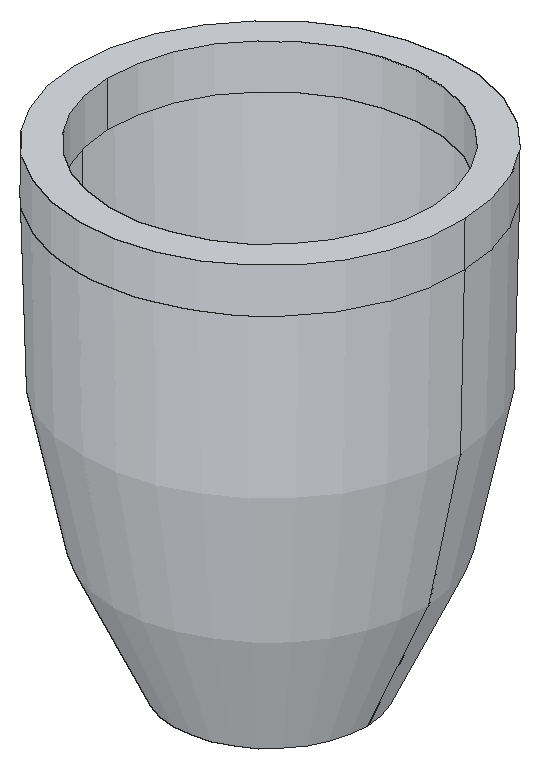
Revit family "Specialty_Equipment-Planter-Planters_Unlimited-Modern-Rocca Round-rev", category Specialty Equipment, Revit 2023
Family settings
  Round Connector Dimension = Use Diameter
  Part Type = Normal
  OmniClass Number = 23.40.05.21.17
  OmniClass Title = Planters
  Work Plane-Based = No
  Enable Cutting in Views = No
  Always vertical = Yes
  Cut with Voids When Loaded = No
  Maintain Annotation Orientation = No
  Shared = No
  Room Calculation Point = No
Parameters (values of type "24"Dia x 30"")
  CD_Diameter Bottom = CD_Diameter Top / 4 * 2  # 305 mm
  CD_Diameter Top = 610 mm
  URL = "https://www.plantersunlimited.com"
  Type Comments = "Rocca Fiberglass Tapered Square Planter"
  Model = "Modern Series Planters"  # constant formula
  Manufacturer = "Planters Unlimited"  # constant formula
  Description = "Modular Planting Bed"  # constant formula
  Default Elevation = 0 mm
  CD_Specification = "https://www.plantersunlimited.com/content/Planters/F1-ROC-TS.pdf"
  CD_Product Page URL = "https://www.plantersunlimited.com/roccca-square-planter/"
  CD_Product Name [instance] = "Rocca Round  Planter"  # constant formula
  CD_Offset = 3 mm
  CD_Microsite = ""
  CD_Height = 762 mm
  CD_Finish = Fiberglass
  CD_Created By = "CADdetails LTD. 2025"  # constant formula
  Assembly Code = "G2050600"
Types (11, lengths in mm): name | CD_Diameter Bottom | CD_Diameter Top | CD_Specification | CD_Product Page URL | CD_Height
  (no name) | 305 | 610 | "https://www.plantersunlimited.com/content/Planters/F1-ROC-TS.pdf" | "https://www.plantersunlimited.com/roccca-square-planter/" | 762
  24"Dia x 24" | 305 | 610 | "https://www.plantersunlimited.com/content/Planters/F1-ROC-TS.pdf" | "https://www.plantersunlimited.com/roccca-square-planter/" | 610
  24"Dia x 30" | 305 | 610 | "https://www.plantersunlimited.com/content/Planters/F1-ROC-TS.pdf" | "https://www.plantersunlimited.com/roccca-square-planter/" | 762
  24"Dia x 36" | 305 | 610 | "https://www.plantersunlimited.com/content/Planters/F1-ROC-TS.pdf" | "https://www.plantersunlimited.com/roccca-square-planter/" | 914.4
  30"Dia x 30" | 381 | 762 | "https://www.plantersunlimited.com/content/Planters/F1-ROC-TS.pdf" | "https://www.plantersunlimited.com/roccca-square-planter/" | 762
  36"Dia x 24" | 457.2 | 914.4 | "https://www.plantersunlimited.com/content/Planters/F1-ROC-TS.pdf" | "https://www.plantersunlimited.com/roccca-square-planter/" | 610
  36"Dia x 30" | 457.2 | 914.4 | "https://www.plantersunlimited.com/content/Planters/F1-ROC-TS.pdf" | "https://www.plantersunlimited.com/roccca-square-planter/" | 762
  36"Dia x 36" | 457.2 | 914.4 | "https://www.plantersunlimited.com/content/Planters/F1-ROC-TS.pdf" | "https://www.plantersunlimited.com/roccca-square-planter/" | 914.4
  36"Dia x 42" | 457.2 | 914.4 | "https://www.plantersunlimited.com/content/Planters/F1-ROC-TS.pdf" | "https://www.plantersunlimited.com/roccca-square-planter/" | 1066.8
  36"Dia x 48" | 457.2 | 914.4 | "https://www.plantersunlimited.com/content/Planters/F1-ROC-TS.pdf" | "https://www.plantersunlimited.com/roccca-square-planter/" | 1219.2
  24"Dia x 18" | 305 | 610 | "https://www.plantersunlimited.com/content/Planters/F1-ROC-R3636-BL-M-DRG.pdf" | "https://www.plantersunlimited.com/planters-round-outdoor/" | 457.2
Reference planes
  plane 1 "Center (Front/Back)": y = 0
  plane 2: z = 11.441
  plane 3 "Center (Left/Right)": x = 0
  plane 4 "Left": x = 305
  plane 5 "Right": x = -305
  plane 6 "Top": z = 776.441
  plane 7 "Bottom of Bin": z = 11.441
  plane 8 "Bottom of Planter": z = 14.441
  plane 9 "Bottom of Bed": z = 27.141
  plane 10: z = 705.441
  plane 11: x = -152.5
  plane 12: x = 152.5
  plane 13: y = 152.5
  plane 14: y = -152.5
  plane 15: y = -305
  plane 16: y = 305
  plane 17: z = 395.441
  plane 18: z = 227.141
Forms (mm)
  Extrusion 1, solid
    sketch origin (0, 0, 27.141) x (-1, 0, 0) y (0, -1, 0)
      loop
        circle (0, 0) r 152.5
    from 0 to -12.7
  Extrusion 2, solid, material "Fiberglass" <- "CD_Finish", detail levels fine
    sketch origin (-1138.309, -4572, 14.441) x (-1, 0, 0) y (0, -1, 0)
      loop
        line (-1176.409, -4699.5) -> (-1100.209, -4699.5) -> (-1100.209, -4623.3) -> (-1176.409, -4623.3) -> (-1176.409, -4699.5)
      loop
        line (-1265.809, -4610) -> (-1189.609, -4610) -> (-1189.609, -4534) -> (-1265.809, -4534) -> (-1265.809, -4610)
      loop
        line (-1010.809, -4533.9) -> (-1087.009, -4533.9) -> (-1087.009, -4610.1) -> (-1010.809, -4610.1) -> (-1010.809, -4533.9)
      loop
        line (-1176.409, -4444.5) -> (-1176.409, -4520.7) -> (-1100.209, -4520.7) -> (-1100.209, -4444.5) -> (-1176.409, -4444.5)
    from 0 to -3
  Sweep 3, solid
    path origin (-1138.309, -4572, 14.441) x (-1, 0, 0) y (0, -1, 0)
      loop
        circle (-1138.309, -4572) r 305
    profile origin (0, -305, 14.441) x (0, 1, 0) y (0, 0, 1)
      loop
        spline (0, 691) -> (-2.624, 623.334) -> (-2.46, 557.501) -> (0.492, 493.501) -> (6.231, 431.334) -> (14.758, 371.001) -> (26.072, 312.501) -> (40.175, 255.834) -> (57.064, 201.001) -> (76.742, 148.001) -> (99.207, 96.834) -> (124.46, 47.5) -> (152.5, 0)
        line (152.5, 0) -> (160.627, 0) -> (160.627, 5.827)
        spline (160.627, 5.827) -> (132.929, 52.791) -> (107.983, 101.576) -> (85.787, 152.19) -> (66.341, 204.64) -> (49.643, 258.934) -> (35.696, 315.077) -> (24.505, 373.074) -> (16.072, 432.931) -> (10.401, 494.65) -> (7.496, 558.235) -> (7.361, 623.684) -> (10, 691)
        line (10, 691) -> (0, 691)
  Sweep 4, solid
    path origin (0, 0, 776.441) x (-1, 0, 0) y (0, -1, 0)
      loop
        circle (0, 0) r 305
    profile origin (-305, 0, 776.441) x (1, 0, 0) y (0, 0, 1)
      loop
        line (0, 0) -> (0, -71) -> (51, -71) -> (51, 0) -> (0, 0)
Cuts and joins
  joined: Extrusion 1, Sweep 3, Sweep 4
Dimensions and locks
  locked: plane 7 "Bottom of Bin" to level
  "CD_Height": plane 6 "Top" to plane 8 "Bottom of Planter"
  locked: plane 9 "Bottom of Bed" to plane 8 "Bottom of Planter" at 12.7
  plane 8 "Bottom of Planter" to level = 3 mm
  plane 6 "Top" to level = 765 mm
  locked: plane 10 to plane 6 "Top" at 71
  equal spacing: plane 5 "Right", plane 3 "Center (Left/Right)", plane 4 "Left"
  "CD_Diameter Top": plane 5 "Right" to plane 4 "Left"
  equal spacing: plane 11, plane 3 "Center (Left/Right)", plane 12
  "CD_Diameter Bottom": plane 11 to plane 12
  equal spacing: plane 13, plane 1 "Center (Front/Back)", plane 14
  equal spacing: plane 16, plane 1 "Center (Front/Back)", plane 15
  "CD_Diameter Top": plane 16 to plane 15
  "CD_Diameter Bottom": plane 13 to plane 14
  level to plane 8 "Bottom of Planter" = 3 mm
  plane 13 to Extrusion 2 sketch curve to Extrusion 2 sketch curve = 25 mm locked, 76.2 mm locked
  Extrusion 2 sketch curve to Extrusion 2 sketch curve to plane 12 = 76.2 mm locked, 25 mm locked
  equal spacing: Extrusion 2 sketch curve, plane 1 "Center (Front/Back)", Extrusion 2 sketch curve, locked at 38 each
  equal spacing: Extrusion 2 sketch curve, plane 1 "Center (Front/Back)", Extrusion 2 sketch curve, locked at 38.1 each
  equal spacing: Extrusion 2 sketch curve, plane 3 "Center (Left/Right)", Extrusion 2 sketch curve, locked at 38.1 each  (x2)
  plane 11 to Extrusion 2 sketch curve to Extrusion 2 sketch curve = 25 mm locked, 76.2 mm locked
  equal spacing: plane 8 "Bottom of Planter", plane 17, plane 6 "Top"
  plane 12 to plane 11 = 305 mm
  locked: Sweep 3 sketch curve to plane 14 at 8.127
  locked: Sweep 3 sketch curve to level at 8.827
  locked: Sweep 4 sketch curve to plane 6 "Top" at 71
  locked: plane 5 "Right" to Sweep 4 sketch curve at 51
  plane 14 to Extrusion 2 sketch curve to Extrusion 2 sketch curve = 25 mm locked, 76.2 mm locked
  Extrusion 2 sketch curve to Extrusion 2 sketch curve = 76.2 mm
  "CD_Diameter Top": diameter of Sweep 3 sketch curve
  "CD_Diameter Top": diameter of Sweep 4 sketch curve
  "CD_Diameter Bottom": diameter of Extrusion 1 sketch curve
  aligned and locked: plane 2 to level
  aligned and locked: Extrusion 1 to plane 8 "Bottom of Planter"
  aligned and locked: Extrusion 2 to level
  aligned and locked: plane 8 "Bottom of Planter" to Sweep 3 sketch curve
  aligned and locked: Extrusion 1 to plane 9 "Bottom of Bed"
  aligned and locked: plane 10 to Sweep 3 sketch curve
  aligned and locked: plane 15 to Sweep 3 sketch curve
  aligned and locked: plane 14 to Sweep 3 sketch curve
  aligned and locked: plane 5 "Right" to Sweep 4 sketch curve
  aligned and locked: plane 6 "Top" to Sweep 4 sketch curve
Automatic sketch dimensions
  Sweep 3 sketch curve to Sweep 3 sketch curve = 10 mm
  Extrusion 2 sketch curve to Extrusion 2 sketch curve = 89.3 mm
  plane 3 "Center (Left/Right)" to Extrusion 2 sketch curve = 38.1 mm  (x2)
  Extrusion 2 sketch curve to plane 1 "Center (Front/Back)" = 38.1 mm
  plane 1 "Center (Front/Back)" to Extrusion 1 sketch curve = 0 mm
  Extrusion 1 sketch curve to plane 3 "Center (Left/Right)" = 0 mm
  plane 1 "Center (Front/Back)" to Sweep 3 sketch curve = 0 mm
  Sweep 3 sketch curve to plane 3 "Center (Left/Right)" = 0 mm
  plane 1 "Center (Front/Back)" to Sweep 4 sketch curve = 0 mm
  Sweep 4 sketch curve to plane 3 "Center (Left/Right)" = 0 mm
